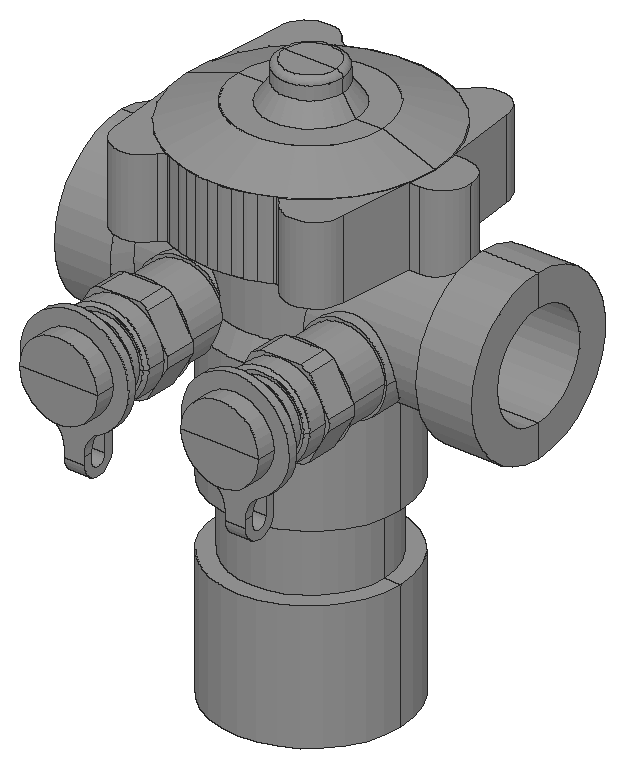
Revit family "Комби-клапан – регулятор расхода 4206_M_SMART_LF_MF", category Rohrzubehör, Revit 2018
Family settings
  Bemaßung runder Anschluss = Durchmesser verwenden
  Teiletyp = Unterbricht
  OmniClass-Nummer = 23.65.55.14
  OmniClass-Titel = Valves for Liquid Services
  Arbeitsebenenbasiert = Nein
  Immer vertikal = Ja
  Beim Laden mit Abzugskörper schneiden = Nein
  Gemeinsam genutzt = Nein
Parameters (values of type "MF")
  Номер заказа [instance] = if(and(LF, Nennweite = 15.00 mm), 1420620, if(and(MF, Nennweite = 15.00 mm), 1420629, 0))  # 1420629
  Мин. рабочая температура (чистая вода) = 2 °C  # constant formula
  Мин. рабочая температура (антифриз) = -20 °C  # constant formula
  Макс. перепад давления = 400000.0 Pa  # constant formula
  Макс. рабочая температура до DN32 = 130 °C  # constant formula
  Макс. рабочая температура от DN40 = 110 °C  # constant formula
  Макс. рабочее давление = 1600000.0 Pa  # constant formula
  Среда = "Качество теплоносителя в соответствии с ÖNORM H5195 и/или предписаниями VDI-Standard 2035.\nРазрешается использование смеси этилен- или пропиленгликоля в соотношении 25-50% с водой."
  URL = "www.herz-armaturen.ru"
  Шпиндель = "Нержавеющая сталь 14301"  # constant formula
  SCRNSEQ = "ARM;ARM_TYP=\"DURR\";2"
  SCRNCODE = "05;04;02"  # constant formula
  S04 [instance] = R01 * 2  # 30.00 mm
  S01 [instance] = L01 + L02  # 75.00 mm
  R02 [instance] = size_lookup("4206M_LF_MF_S", "R2", 9.32 mm, Nennweite)  # 9.316 mm
  R01 [instance] = size_lookup("4206M_LF_MF_S", "R1", 15.00 mm, Nennweite)  # 15.00 mm
  PN = 25  # constant formula
  Кольцевое уплотнение O-Ring = "EPDM"  # constant formula
  Корпус мембраны = "Латунь CW602N"  # constant formula
  Мембрана = "EPDM"  # constant formula
  MF [instance] = yes
  LF [instance] = no
  L14 = 44.00 mm  # constant formula
  L13 = 32.00 mm  # constant formula
  L06 = 3.44 mm  # constant formula
  Импульсная трубка = "Медь Cu-DHP (CW024A)"  # constant formula
  Ход = 4.00 mm  # constant formula
  Hersteller = "Herz-Armaturen GmbH"  # constant formula
  H10 = 22.33 mm  # constant formula
  Корпус = "Латунь, устойчивая к селективной цинковой коррозии"  # constant formula
  Пружина = "Пружинная нержавеющая сталь"  # constant formula
  Защитный колпачок = "Пластик"  # constant formula
  B15 = 23.00 mm  # constant formula
  B14 = 8.73 mm  # constant formula
  B13 = 40.79 mm  # constant formula
  B12 = 36.73 mm  # constant formula
  B11 = 34.69 mm  # constant formula
  B10 = 31.75 mm  # constant formula
  B09 [instance] = size_lookup("4206M_LF_MF_S", "B9", 3.30 mm, Nennweite)  # 3.30 mm
  Nennweite [instance] = 15.00 mm
  L05 = 3.44 mm  # constant formula
  L04 [instance] = size_lookup("4206M_LF_MF_S", "L4", 12.00 mm, Nennweite)  # 12.00 mm
  L03 [instance] = size_lookup("4206M_LF_MF_S", "L3", 10.00 mm, Nennweite)  # 10.00 mm
  L02 = 34.00 mm  # constant formula
  L01 = 41.00 mm  # constant formula
  H09 = 1.08 mm  # constant formula
  H08 = 4.24 mm  # constant formula
  H07 = 28.19 mm  # constant formula
  H06 = 24.02 mm  # constant formula
  H05 = 10.06 mm  # constant formula
  H04 = 6.74 mm  # constant formula
  H03 = 3.46 mm  # constant formula
  H02 [instance] = size_lookup("4206M_LF_MF_S", "H2", 65.00 mm, Nennweite)  # 67.00 mm
  H01 = 35.00 mm  # constant formula
  B08 = 23.05 mm  # constant formula
  B07 [instance] = size_lookup("4206M_LF_MF_S", "B7", 16.50 mm, Nennweite)  # 16.50 mm
  B06 = 5.86 mm  # constant formula
  B05 = 3.70 mm  # constant formula
  B04 = 6.75 mm  # constant formula
  B03 = 7.93 mm  # constant formula
  B02 [instance] = size_lookup("4206M_LF_MF_S", "B2", 12.50 mm, Nennweite)  # 12.50 mm
  B01 = 41.00 mm  # constant formula
  Область применения = "Комби-клапан применяется в системах отопления и охлаждения с насосами. Комби-клапан автоматически ограничивает расход на выбранном участке системы до заданного значения, компенсируя все колебания давления. При этом нет необходимости в измерениях, а регулирование эффективно при любых условиях эксплуатации. Комби-клапан регулирует расход в соответствии с настройкой до заданного значения; на мембрану воздействует давление непосредственно до и после регулирующей части."
Types (3, lengths in mm): name | Номер заказа | MF | LF
  (no name) | 1420629 | yes | no
  LF | 1420620 | no | yes
  MF | 1420629 | yes | no
Reference planes
  plane 1 "Mitte (Vorne/hinten)": y = 0
  plane 2: z = 0
  plane 3 "Mitte (Links/rechts)": x = 0
Forms (mm)
  Revolve 1, solid, material "Messing, weicher Gelbton, geschweißt", detail levels fine
    sketch origin (0, 0, 0) x (1, 0, 0) y (0, 0, 1)
      loop
        line (0, -67) -> (16.292, -67) -> (16.292, -44) -> (13.292, -44) -> (13.292, -32) -> (16.292, -32) -> (16.292, -6.498) -> (14.505, -2.652) -> (14.505, 6.81) -> (22.33, 10.98) -> (22.33, 24.94) -> (12.949, 28.26) -> (8.129, 28.26) -> (5.75, 31.54) -> (5.75, 33.92)
        arc (5.75, 33.92) -> (5.434, 34.684) -> (4.67, 35) r 1.08
        line (4.67, 35) -> (0, 35) -> (0, -67)
      axis (0, 35) -> (0, -67)
    angle from 0 to 360
  Revolve 2, solid, material "Messing, weicher Gelbton, geschweißt", detail levels fine
    sketch origin (0, 0, -3.3) x (1, 0, 0) y (0, 1, 0)
      loop
        line (-20.43, -13.322) -> (-12.5, -13.322) -> (-12.5, -8.046) -> (-20.43, -8.046) -> (-20.43, -13.322)
      axis (-12.5, -8.046) -> (-12.5, -13.322)
    angle from 0 to 360
  Revolve 3, solid, material "Messing, weicher Gelbton, geschweißt", detail levels fine
    sketch origin (0, 0, 0) x (-1, 0, 0) y (0, 0, 1)
      loop
        line (34, 9.316) -> (34, 15) -> (24, 15) -> (22.317, 12) -> (-29.317, 12) -> (-31, 15) -> (-41, 15) -> (-41, 9.315) -> (-27.815, 9.315) -> (-27.815, 0) -> (20.815, 0) -> (20.815, 9.315) -> (34, 9.316)
      axis (-41, 0) -> (34, 0)
    angle from 0 to 360
  Extrusion 4, solid, material "Messing, weicher Gelbton, geschweißt", detail levels fine
    sketch origin (0, 0, 25.912) x (-1, 0, 0) y (0, -1, 0)
      loop
        arc (-20.427, -18.385) -> (-16.688, -23.223) -> (-11.063, -20.825) r 5
        arc (-11.063, -20.825) -> (-10.486, -20.308) -> (-9.758, -20.047) r 2.018
        arc (-9.758, -20.047) -> (0, -22.329) -> (9.758, -20.047) r 22
        arc (9.758, -20.047) -> (10.486, -20.308) -> (11.063, -20.825) r 2.018
        arc (11.063, -20.825) -> (16.688, -23.223) -> (20.427, -18.385) r 5
        arc (20.427, -18.385) -> (22, 0) -> (20.427, 18.385) r 108.221
        arc (20.427, 18.385) -> (16.688, 23.223) -> (11.063, 20.825) r 5
        arc (11.063, 20.825) -> (10.486, 20.308) -> (9.758, 20.047) r 2.018
        arc (9.758, 20.047) -> (0, 22.329) -> (-9.758, 20.047) r 22
        arc (-9.758, 20.047) -> (-10.486, 20.308) -> (-11.063, 20.825) r 2.018
        arc (-11.063, 20.825) -> (-16.688, 23.223) -> (-20.427, 18.385) r 5
        arc (-20.427, 18.385) -> (-21.356, 11.79) -> (-21.877, 5.15) r 108.221
        line (-21.877, 5.15) -> (-23.7, 5.15)
        arc (-23.7, 5.15) -> (-27.342, 3.642) -> (-28.85, 0) r 5.15
        arc (-28.85, 0) -> (-27.342, -3.642) -> (-23.7, -5.15) r 5.15
        line (-23.7, -5.15) -> (-21.877, -5.15)
        arc (-21.877, -5.15) -> (-21.356, -11.79) -> (-20.427, -18.385) r 108.221
    from -14.932 to -0.972
  Revolve 5, solid, material "Messing, weicher Gelbton, geschweißt", detail levels fine
    sketch origin (0, 0, -3.3) x (-1, 0, 0) y (0, -1, 0)
      loop
        line (-24.43, 13.322) -> (-24.43, 8.046) -> (-16.5, 8.046) -> (-16.5, 13.322) -> (-24.43, 13.322)
      axis (-16.5, 8.046) -> (-16.5, 13.322)
    angle from 0 to 360
Lines and regions (mm)
  model lines, detail levels coarse+medium
    curve 1: line (37.5, -15, 0) -> (37.5, 15, 0)
    curve 2: line (37.5, 15, 0) -> (-37.5, -15, 0)
    curve 3: line (-37.5, -15, 0) -> (-37.5, 15, 0)
    curve 4: line (-37.5, 15, 0) -> (37.5, -15, 0)
    curve 5: line (-37.5, 14.673, 0) -> (0, -6.74, 0)
    curve 6: line (0, -6.74, 0) -> (37.5, 14.673, 0)
    curve 7: line (0, -6.74, 0) -> (0, -24.94, 0)
    curve 8: spline (-22.33, -29.97, 0) -> (-21.569, -28.668, 0) -> (-19.338, -27.455, 0) -> (-15.79, -26.413, 0) -> (-11.165, -25.614, 0) -> (-5.779, -25.111, 0) -> (0, -24.94, 0) -> (5.779, -25.111, 0) -> (11.165, -25.614, 0) -> (15.79, -26.413, 0) -> (19.338, -27.455, 0) -> (21.569, -28.668, 0) -> (22.33, -29.97, 0) -> (21.569, -31.272, 0) -> (19.338, -32.485, 0) -> (15.79, -33.527, 0) -> (11.165, -34.326, 0) -> (5.779, -34.829, 0) -> (0, -35, 0) -> (-5.779, -34.829, 0) -> (-11.165, -34.326, 0) -> (-15.79, -33.527, 0) -> (-19.338, -32.485, 0) -> (-21.569, -31.272, 0) -> (-22.33, -29.97, 0)
    curve 9: line (-37.5, 0, 15) -> (-37.5, 0, -15)
    curve 10: line (-37.5, 0, -15) -> (37.5, 0, 15)
    curve 11: line (37.5, 0, 15) -> (37.5, 0, -15)
    curve 12: line (37.5, 0, -15) -> (-37.5, 0, 15)
    curve 13: line (37.5, 0, -15) -> (0, 0, 6.74)
    curve 14: line (0, 0, 6.74) -> (-37.5, 0, -15)
    curve 15: line (0, 0, 6.74) -> (0, 0, 24.94)
    curve 16: spline (-22.33, 0, 29.97) -> (-21.569, 0, 31.272) -> (-19.338, 0, 32.485) -> (-15.79, 0, 33.527) -> (-11.165, 0, 34.326) -> (-5.779, 0, 34.829) -> (0, 0, 35) -> (5.779, 0, 34.829) -> (11.165, 0, 34.326) -> (15.79, 0, 33.527) -> (19.338, 0, 32.485) -> (21.569, 0, 31.272) -> (22.33, 0, 29.97) -> (21.569, 0, 28.668) -> (19.338, 0, 27.455) -> (15.79, 0, 26.413) -> (11.165, 0, 25.614) -> (5.779, 0, 25.111) -> (0, 0, 24.94) -> (-5.779, 0, 25.111) -> (-11.165, 0, 25.614) -> (-15.79, 0, 26.413) -> (-19.338, 0, 27.455) -> (-21.569, 0, 28.668) -> (-22.33, 0, 29.97)
Dimensions and locks
  "H01": Revolve 1 sketch curve to plane 2
  "H02": plane 2 to Revolve 1 sketch curve
  "H03": Revolve 1 sketch curve to Revolve 1 sketch curve
  "H04": Revolve 1 sketch curve to Revolve 1 sketch curve
  "H05": Revolve 1 sketch curve to Revolve 1 sketch curve
  "H06": Revolve 1 sketch curve to Revolve 1 sketch curve
  "H07": Revolve 1 sketch curve to Revolve 1 sketch curve
  "H08": Revolve 1 sketch curve to Revolve 1 sketch curve
  Revolve 2 sketch curve to Revolve 2 sketch curve = 7.93 mm
  "L02": plane 3 "Mitte (Links/rechts)" to Revolve 3 sketch curve
  "L01": Revolve 3 sketch curve to plane 3 "Mitte (Links/rechts)"
  "B03": Revolve 5 sketch curve to Revolve 5 sketch curve
  "L03": Revolve 3 sketch curve to Revolve 3 sketch curve  (x2)
  "L04": Revolve 3 sketch curve to plane 2
  "L05": Revolve 3 sketch curve to Revolve 3 sketch curve
  "R01": Revolve 3 sketch curve to plane 2  (x2)
  "R02": Revolve 3 sketch curve to plane 2  (x2)
  "B02": Revolve 2 sketch curve to plane 3 "Mitte (Links/rechts)"
  "B07": plane 3 "Mitte (Links/rechts)" to Revolve 5 sketch curve
  "L06": Revolve 3 sketch curve to Revolve 3 sketch curve
  "S01": curve 3 to curve 1
  equal spacing: curve 3, plane 3 "Mitte (Links/rechts)", curve 1
  "S04": curve 4 to curve 3
  "S04": curve 2 to curve 4
  equal spacing: curve 3, plane 1 "Mitte (Vorne/hinten)", curve 4
  equal spacing: curve 4, plane 1 "Mitte (Vorne/hinten)", curve 2
  "H10": plane 3 "Mitte (Links/rechts)" to Revolve 1 sketch curve
  "H10": curve 8 to plane 3 "Mitte (Links/rechts)" to curve 8
  "H05": curve 8 to curve 8
  "H01": curve 8 to plane 1 "Mitte (Vorne/hinten)"
  "H04": curve 7 to plane 1 "Mitte (Vorne/hinten)"
  "S01": curve 9 to curve 11
  "S04": curve 12 to curve 14
  "S04": curve 11 to curve 13
  equal spacing: curve 9, plane 3 "Mitte (Links/rechts)", curve 11
  "H04": curve 15 to plane 2
  "H10": curve 16 to plane 3 "Mitte (Links/rechts)" to curve 16
  "H05": curve 16 to curve 16
  "H01": curve 16 to level
  "L13": plane 2 to Revolve 1 sketch curve
  "L14": plane 2 to Revolve 1 sketch curve
  "B09": plane 2 to Revolve 2
  "B09": plane 2 to Revolve 5
  "B09": plane 2 to nested 3
  "B09": plane 2 to nested 2
  "B01": nested 3 to plane 1 "Mitte (Vorne/hinten)"
  "B01": nested 2 to plane 1 "Mitte (Vorne/hinten)"
  "H09": radius of Revolve 1 sketch curve
  aligned and locked: level to plane 2
  aligned and locked: Extrusion 4 to Revolve 1
  aligned and locked: Revolve 1 to Extrusion 4
Automatic sketch dimensions
  Extrusion 4 sketch curve to Extrusion 4 sketch curve = 0.00 mm  (x5)
  plane 1 "Mitte (Vorne/hinten)" to Extrusion 4 sketch curve = 0.00 mm  (x3)
  Extrusion 4 sketch curve to plane 3 "Mitte (Links/rechts)" = 0.00 mm  (x2)
  plane 3 "Mitte (Links/rechts)" to Extrusion 4 sketch curve = 9.452 mm  (x2)
  Extrusion 4 sketch curve to Extrusion 4 sketch curve = 5.975 mm  (x4)
  Extrusion 4 sketch curve to plane 1 "Mitte (Vorne/hinten)" = 5.15 mm
  Extrusion 4 sketch curve to Extrusion 4 sketch curve = 6.45 mm
  Extrusion 4 sketch curve to Extrusion 4 sketch curve = 1.823 mm
  Extrusion 4 sketch curve to Extrusion 4 sketch curve = 57.371 mm
  Extrusion 4 sketch curve to plane 3 "Mitte (Links/rechts)" = 9.452 mm  (x2)
  Extrusion 4 sketch curve to Extrusion 4 sketch curve = 70.794 mm
  Extrusion 4 sketch curve to Extrusion 4 sketch curve = 13.235 mm  (x2)
  Extrusion 4 sketch curve to plane 1 "Mitte (Vorne/hinten)" = 18.385 mm
  Extrusion 4 sketch curve to Extrusion 4 sketch curve = 3.657 mm  (x4)
  plane 1 "Mitte (Vorne/hinten)" to Extrusion 4 sketch curve = 0.329 mm
  plane 1 "Mitte (Vorne/hinten)" to Extrusion 4 sketch curve = 18.385 mm
  Extrusion 4 sketch curve to Extrusion 4 sketch curve = 0.306 mm  (x3)
  Extrusion 4 sketch curve to Extrusion 4 sketch curve = 1.305 mm  (x3)
  Extrusion 4 sketch curve to Extrusion 4 sketch curve = 5.00 mm
  Extrusion 4 sketch curve to plane 1 "Mitte (Vorne/hinten)" = 0.329 mm
  Extrusion 4 sketch curve to Extrusion 4 sketch curve = 1.611 mm
  curve 6 to plane 3 "Mitte (Links/rechts)" = 0.00 mm
  curve 6 to curve 1 = 0.327 mm
  curve 5 to curve 3 = 0.327 mm
  Revolve 1 sketch curve to plane 3 "Mitte (Links/rechts)" = 0.00 mm  (x2)
  plane 3 "Mitte (Links/rechts)" to Revolve 1 sketch curve = 4.67 mm
  Revolve 1 sketch curve to Revolve 1 sketch curve = 2.379 mm
  Revolve 1 sketch curve to Revolve 1 sketch curve = 4.82 mm
  plane 3 "Mitte (Links/rechts)" to Revolve 1 sketch curve = 13.292 mm
  Revolve 1 sketch curve to level = 2.652 mm
  plane 3 "Mitte (Links/rechts)" to Revolve 1 sketch curve = 14.505 mm
  Revolve 1 sketch curve to Revolve 1 sketch curve = 3.00 mm  (x2)
  Revolve 1 sketch curve to Revolve 1 sketch curve = 292.892 mm
  Revolve 1 sketch curve to Revolve 1 sketch curve = 2176.299 mm
  Revolve 2 sketch curve to Revolve 2 sketch curve = 0.00 mm  (x2)
  plane 1 "Mitte (Vorne/hinten)" to Revolve 2 sketch curve = 13.322 mm
  Revolve 2 sketch curve to Revolve 2 sketch curve = 5.276 mm
  Revolve 2 sketch curve to Revolve 2 sketch curve = 9.12 mm
  Revolve 3 sketch curve to level = 0.00 mm  (x2)
  Revolve 3 sketch curve to Revolve 3 sketch curve = 1.501 mm  (x2)
  Revolve 3 sketch curve to Revolve 3 sketch curve = 1315.107 mm
  Revolve 3 sketch curve to Revolve 3 sketch curve = 1862.053 mm
  Revolve 5 sketch curve to Revolve 5 sketch curve = 0.00 mm  (x2)
  plane 1 "Mitte (Vorne/hinten)" to Revolve 5 sketch curve = 8.046 mm
  Revolve 5 sketch curve to Revolve 5 sketch curve = 5.276 mm
  Revolve 5 sketch curve to Revolve 5 sketch curve = 9.12 mm
  curve 14 to plane 3 "Mitte (Links/rechts)" = 0.00 mm
  curve 11 to level = 15.00 mm
  curve 14 to level = 15.00 mm
Nested families
  nested 1: "Herz-Logo-vorne" at (0, -16.164, -15) x (0, 1, 0) z (0, 0, 1), type "Herz-Logo-vorne", detail levels fine
  nested 2: "Messstutzen_Band_Eintritt" at (16.5, -4.322, -3.3), type "Messstutzen_Band_Eintritt"
    with Schutzkappe yes, Nennweite 0.00 mm, Gewicht 0.00 kg, Bestellnummer 0
  nested 3: "Messstutzen_Band_Austritt" at (-12.5, -4.322, -3.3), type "Messstutzen_Band_Austritt"
    with Schutzkappe yes, Nennweite 0.00 mm, Gewicht 0.00 kg, Bestellnummer 0
Connectors
  piping at (-20.815, 0, 0), diameter 15, driven by "Nennweite"
    settings: on Revolve 3, index 1, connector inside diameter 609.6 mm, connector length 0.00 mm, flow factor 0, pipe flow 0.0 L/s, pressure drop 0.0 Pa, fitting loss kfactor 0, connector angle 0.00°, fixture units 0, engagement length 0.00 mm, angle of deflection 0.00°, flow configuration 0, flow direction 2, fitting loss method 0, system type 29, joint type 0, gender type 0, connector reference index -1, connector utility 0, adjustable connector no, is connector primary yes, connector description ""
  piping at (27.815, 0, 0), diameter 15, driven by "Nennweite"
    settings: on Revolve 3, index 2, connector inside diameter 609.6 mm, connector length 0.00 mm, flow factor 0, pipe flow 0.0 L/s, pressure drop 0.0 Pa, fitting loss kfactor 0, connector angle 0.00°, fixture units 0, engagement length 0.00 mm, angle of deflection 0.00°, flow configuration 0, flow direction 1, fitting loss method 0, system type 29, joint type 0, gender type 0, connector reference index -1, connector utility 0, adjustable connector no, is connector primary no, connector description ""
Definition of nested family "Herz-Logo-vorne"
  Reference planes
    plane 1 "Mitte (Vorne/hinten)": y = 0
    plane 2: z = 0
    plane 3 "Mitte (Links/rechts)": x = 0
  Forms (mm)
    Extrusion 1, solid
      sketch origin (0.732, -0.018, 0.017) x (0, -1, 0) y (0, 0, 1)
        loop
          line (-0.018, -4.517) -> (4.482, -4.517) -> (4.482, 4.483) -> (-4.518, 4.483) -> (-4.518, -4.517) -> (-0.018, -4.517)
        loop
          line (-0.05, -3.48) -> (3.482, -3.48) -> (3.482, 3.483) -> (-3.518, 3.483) -> (-3.518, -3.48) -> (-0.05, -3.48)
        loop
          arc (-0.018, 2.383) -> (-1.543, 3.287) -> (-3.067, 2.383) r 1.738
          arc (-3.067, 2.383) -> (-3.191, 1.899) -> (-3.067, 1.415) r 1.009
          line (-3.067, 1.415) -> (-0.018, -3.281) -> (3.032, 1.415)
          arc (3.032, 1.415) -> (3.156, 1.899) -> (3.032, 2.383) r 1.009
          arc (3.032, 2.383) -> (1.507, 3.287) -> (-0.018, 2.383) r 1.738
        loop
          arc (1.885, 1.272) -> (2.005, 1.675) -> (1.885, 2.079) r 0.74
          arc (1.885, 2.079) -> (1.265, 2.416) -> (0.644, 2.079) r 0.74
          line (0.644, 2.079) -> (-0.018, 0.97) -> (-0.679, 2.079)
          arc (-0.679, 2.079) -> (-1.3, 2.416) -> (-1.921, 2.079) r 0.74
          arc (-1.921, 2.079) -> (-2.04, 1.675) -> (-1.921, 1.272) r 0.74
          line (-1.921, 1.272) -> (-0.018, -1.658) -> (1.885, 1.272)
      from 0 to 1.5
  Dimensions and locks
    aligned and locked: level to plane 2
Definition of nested family "Messstutzen_Band_Eintritt"
  Parameters (values of type "Messstutzen_Band_Eintritt")
    URL = "www.herz-armaturen.at"
    Schutzkappe [instance] = yes
    Nennweite [instance] = 0.00 mm
    Manufacturer = "Herz Armaturen GmbH"  # constant formula
    Gewicht [instance] = 0.00 kg
    Bestellnummer [instance] = 0
  Reference planes
    plane 1 "Mitte (Vorne/hinten)": y = 0
    plane 2: z = 0
    plane 3 "Mitte (Links/rechts)": x = 0
    plane 4 "Schlaufe 1": y = -27
    plane 5 "Schlaufe 2": y = -31.678
  Forms (mm)
    Revolve 1, solid, detail levels fine
      sketch origin (0, 0, 0) x (1, 0, 0) y (0, 1, 0)
        loop
          line (-7.4, -9) -> (-7.4, -16.5)
          arc (-7.4, -16.5) -> (-7.693, -17.207) -> (-8.4, -17.5) r 1
          line (-8.4, -17.5) -> (-2, -17.5) -> (-2, 0) -> (-5.555, 0) -> (-6.455, -0.9) -> (-6.455, -4.681) -> (-5.843, -5.293)
          arc (-5.843, -5.293) -> (-5.626, -5.617) -> (-5.55, -6) r 1
          line (-5.55, -6) -> (-5.55, -9) -> (-7.4, -9)
        loop
          line (-3.7, -27) -> (-3.7, -30.45) -> (-4.415, -30.863) -> (-4.415, -35.19) -> (-3.805, -35.8) -> (-2, -35.8) -> (-2, -23) -> (-7.9, -23) -> (-7.9, -26.4) -> (-7.3, -27) -> (-3.7, -27)
        axis (0, 0) -> (0, -35.8)
      angle from 0 to 360
    Extrusion 2, solid, detail levels fine
      sketch origin (0, -17.5, 0) x (-1, 0, 0) y (0, 0, -1)
        loop
          line (5.156, -7.07) -> (8.7, -0.93)
          arc (8.7, -0.93) -> (8.75, 0) -> (8.7, 0.93) r 8.75
          line (8.7, 0.93) -> (5.156, 7.07)
          arc (5.156, 7.07) -> (4.375, 7.578) -> (3.544, 8) r 8.75
          line (3.544, 8) -> (-3.544, 8)
          arc (-3.544, 8) -> (-4.375, 7.578) -> (-5.156, 7.07) r 8.75
          line (-5.156, 7.07) -> (-8.7, 0.93)
          arc (-8.7, 0.93) -> (-8.75, 0) -> (-8.7, -0.93) r 8.75
          line (-8.7, -0.93) -> (-5.156, -7.07)
          arc (-5.156, -7.07) -> (-4.375, -7.578) -> (-3.544, -8) r 8.75
          line (-3.544, -8) -> (3.544, -8)
          arc (3.544, -8) -> (4.375, -7.578) -> (5.156, -7.07) r 8.75
      from 0 to 5.5
    Revolve 3, solid, visible <- "Schutzkappe", detail levels fine
      sketch origin (0, 0, 0) x (1, 0, 0) y (0, 1, 0)
        loop
          line (0, -35.878) -> (-3.805, -35.878) -> (-4.415, -35.268) -> (-4.415, -30.178) -> (-6.9, -30.178) -> (-6.9, -31.678) -> (-6.1, -31.678) -> (-6.1, -33.378) -> (-7, -33.378) -> (-7, -36.678) -> (0, -36.678) -> (0, -35.878)
        axis (0, -30.178) -> (0, -36.678)
      angle from 0 to 360
    Extrusion 4, solid, detail levels fine
      sketch origin (0, -27, 0) x (0, 0, -1) y (-1, 0, 0)
        loop
          circle (0, 0) r 3.7
        loop
          arc (5.505, 3.906) -> (-6.75, 0) -> (5.505, -3.906) r 6.75
          arc (5.505, -3.906) -> (7.288, -2.358) -> (9.582, -1.8) r 5
          line (9.582, -1.8) -> (9.582, 1.8)
          arc (9.582, 1.8) -> (7.288, 2.358) -> (5.505, 3.906) r 5
      from 0 to -1.5
    Extrusion 5, solid, detail levels fine
      sketch origin (0, -31.678, 0) x (0, 0, -1) y (-1, 0, 0)
        loop
          circle (0, 0) r 6.1
        loop
          arc (8.652, 4.495) -> (-9.75, 0) -> (8.652, -4.495) r 9.75
          arc (8.652, -4.495) -> (10.493, -2.527) -> (13.089, -1.8) r 5
          line (13.089, -1.8) -> (13.089, 1.8)
          arc (13.089, 1.8) -> (10.493, 2.527) -> (8.652, 4.495) r 5
      from 0 to -1.5
    Sweep 6, solid, detail levels fine
      path origin (0, 0, 0) x (0, 1, 0) y (0, 0, 1)
        loop
          line (-27.75, -9.582) -> (-27.75, -14.522)
          arc (-27.75, -14.522) -> (-30.089, -16.862) -> (-32.428, -14.522) r 2.339
          line (-32.428, -14.522) -> (-32.428, -13.089)
      profile origin (0, -27.75, -12.052) x (1, 0, 0) y (0, 1, 0)
        loop
          line (-1.8, 0.75) -> (-1.8, -0.75) -> (1.8, -0.75) -> (1.8, 0.75) -> (-1.8, 0.75)
  Cuts and joins
    joined: Extrusion 4, Extrusion 5, Sweep 6
  Dimensions and locks
    aligned and locked: level to plane 2
Definition of nested family "Messstutzen_Band_Austritt"
  Parameters (values of type "Messstutzen_Band_Austritt")
    URL = "www.herz-armaturen.at"
    Schutzkappe [instance] = yes
    Nennweite [instance] = 0.00 mm
    Manufacturer = "Herz Armaturen GmbH"  # constant formula
    Gewicht [instance] = 0.00 kg
    Bestellnummer [instance] = 0
  Reference planes
    plane 1 "Mitte (Vorne/hinten)": y = 0
    plane 2: z = 0
    plane 3 "Mitte (Links/rechts)": x = 0
    plane 4 "Schlaufe 1": y = -27
    plane 5 "Schlaufe 2": y = -31.678
  Forms (mm)
    Revolve 1, solid, detail levels fine
      sketch origin (0, 0, 0) x (1, 0, 0) y (0, 1, 0)
        loop
          line (-7.4, -9) -> (-7.4, -16.5)
          arc (-7.4, -16.5) -> (-7.693, -17.207) -> (-8.4, -17.5) r 1
          line (-8.4, -17.5) -> (-2, -17.5) -> (-2, 0) -> (-5.555, 0) -> (-6.455, -0.9) -> (-6.455, -4.681) -> (-5.843, -5.293)
          arc (-5.843, -5.293) -> (-5.626, -5.617) -> (-5.55, -6) r 1
          line (-5.55, -6) -> (-5.55, -9) -> (-7.4, -9)
        loop
          line (-3.7, -27) -> (-3.7, -30.45) -> (-4.415, -30.863) -> (-4.415, -35.19) -> (-3.805, -35.8) -> (-2, -35.8) -> (-2, -23) -> (-7.9, -23) -> (-7.9, -26.4) -> (-7.3, -27) -> (-3.7, -27)
        axis (0, 0) -> (0, -35.8)
      angle from 0 to 360
    Extrusion 2, solid, detail levels fine
      sketch origin (0, -17.5, 0) x (-1, 0, 0) y (0, 0, -1)
        loop
          line (5.156, -7.07) -> (8.7, -0.93)
          arc (8.7, -0.93) -> (8.75, 0) -> (8.7, 0.93) r 8.75
          line (8.7, 0.93) -> (5.156, 7.07)
          arc (5.156, 7.07) -> (4.375, 7.578) -> (3.544, 8) r 8.75
          line (3.544, 8) -> (-3.544, 8)
          arc (-3.544, 8) -> (-4.375, 7.578) -> (-5.156, 7.07) r 8.75
          line (-5.156, 7.07) -> (-8.7, 0.93)
          arc (-8.7, 0.93) -> (-8.75, 0) -> (-8.7, -0.93) r 8.75
          line (-8.7, -0.93) -> (-5.156, -7.07)
          arc (-5.156, -7.07) -> (-4.375, -7.578) -> (-3.544, -8) r 8.75
          line (-3.544, -8) -> (3.544, -8)
          arc (3.544, -8) -> (4.375, -7.578) -> (5.156, -7.07) r 8.75
      from 0 to 5.5
    Revolve 3, solid, visible <- "Schutzkappe", detail levels fine
      sketch origin (0, 0, 0) x (1, 0, 0) y (0, 1, 0)
        loop
          line (0, -35.878) -> (-3.805, -35.878) -> (-4.415, -35.268) -> (-4.415, -30.178) -> (-6.9, -30.178) -> (-6.9, -31.678) -> (-6.1, -31.678) -> (-6.1, -33.378) -> (-7, -33.378) -> (-7, -36.678) -> (0, -36.678) -> (0, -35.878)
        axis (0, -30.178) -> (0, -36.678)
      angle from 0 to 360
    Extrusion 4, solid, detail levels fine
      sketch origin (0, -27, 0) x (0, 0, -1) y (-1, 0, 0)
        loop
          circle (0, 0) r 3.7
        loop
          arc (5.505, 3.906) -> (-6.75, 0) -> (5.505, -3.906) r 6.75
          arc (5.505, -3.906) -> (7.288, -2.358) -> (9.582, -1.8) r 5
          line (9.582, -1.8) -> (9.582, 1.8)
          arc (9.582, 1.8) -> (7.288, 2.358) -> (5.505, 3.906) r 5
      from 0 to -1.5
    Extrusion 5, solid, detail levels fine
      sketch origin (0, -31.678, 0) x (0, 0, -1) y (-1, 0, 0)
        loop
          circle (0, 0) r 6.1
        loop
          arc (8.652, 4.495) -> (-9.75, 0) -> (8.652, -4.495) r 9.75
          arc (8.652, -4.495) -> (10.493, -2.527) -> (13.089, -1.8) r 5
          line (13.089, -1.8) -> (13.089, 1.8)
          arc (13.089, 1.8) -> (10.493, 2.527) -> (8.652, 4.495) r 5
      from 0 to -1.5
    Sweep 6, solid, detail levels fine
      path origin (0, 0, 0) x (0, 1, 0) y (0, 0, 1)
        loop
          line (-27.75, -9.582) -> (-27.75, -14.522)
          arc (-27.75, -14.522) -> (-30.089, -16.862) -> (-32.428, -14.522) r 2.339
          line (-32.428, -14.522) -> (-32.428, -13.089)
      profile origin (0, -27.75, -12.052) x (1, 0, 0) y (0, 1, 0)
        loop
          line (-1.8, 0.75) -> (-1.8, -0.75) -> (1.8, -0.75) -> (1.8, 0.75) -> (-1.8, 0.75)
  Cuts and joins
    joined: Extrusion 4, Extrusion 5, Sweep 6
  Dimensions and locks
    aligned and locked: level to plane 2
